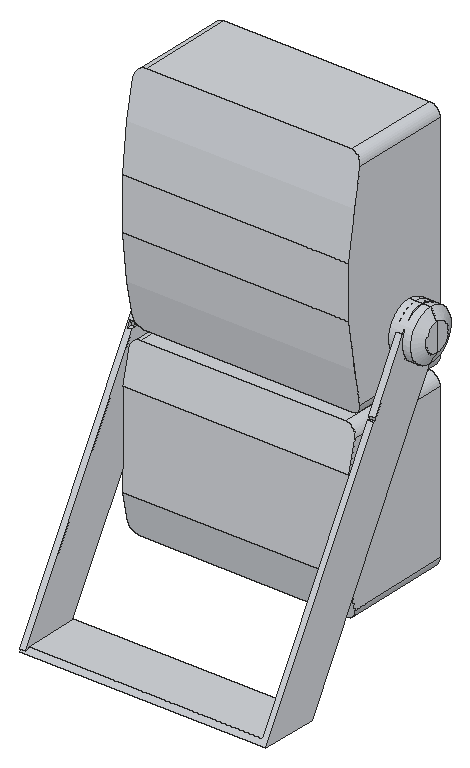
Revit family "Lighting-Proiezione-GEWISS-SMART[PRO]2.0-PROIETTORI-LED-MEDIA-POTENZA_1MODULI_CLI", category Apparecchi per illuminazione, host Superficie, Revit 2019 (continued)
Types (46, lengths in mm): name | Versioni | Tolleranza cromatica | Tipologia | Tensione | Temperatura di utilizzo | Temperatura di colore: | Temperatura di colore | Superficie massima esposta al vento | Spostamento_x_effettivo | Spostamento_x | Scheda Tecnica | Resistenza alle sovratensioni : | Regolazione inclinazione | Ottica | Numero moduli | Modello | Lumen output (lm) | Life Time L90B10 (Tq 50Â°C) : | Life Time L90B10 (Tq 40Â°C) | Life Time L90B10 (Tq 25Â°C) : | Life Time L80B10 (Tq 25Â°C) | Lampada: | Indice di resa cromatica | IPEA | IDT | Gruppo ottico | Flusso nominale | Efficienza luminosa (lm/W) | Distanza minima dall'oggetto illuminato | Descrizione | Corrente di pilotaggio LED | Controllo abbagliamento e luminanza | Catalogo Serie
  GWP2174GS - SMART PRO 1M 4000K CRI70 TYPE C4 1-10V | "Luce naturale 4000K" | "SDCM = 5" | "Stand Alone - 1/10V" | "220 / 240 V - 50 / 60 Hz" | "-30 +40 °C" | "4000 K (CRI>70)" | "4000K" | "0,085M2" | 2938.794 | 1061.206 | "https://www.gewiss.com/it/it/search?q=GWP2174GS" | "10KV in modalità comune; 6KV in modalità differenziale" | "-120° ÷ + 120° staffa" | "C4 - Circolare 15°" | "1" | "GWP2174GS" | "20500" | "" | "40000 H" | ">50000 H" | ">110000 H" | "LED" | "CRI-70" | "STRADALE = A++ // GRANDI AREE = A6+ // CICLOPEDONALI = A3+ // AREE VERDI = A3+ // CENTRO STORICO = A8+ // ALTRO = A8+" | "05cf3c8c99d64a21a9e49b88769f35fb" | "Riflettore in PC HT quarzato&nbsp; e metallizzato lucido" | "24000" | "124" | "1M" | "SMART PRO 1M 4000K CRI70 TYPE C4 1-10V" | "0,7 A" | "G*6 - ULOR = 0" | "SMART [PRO] 2.0"
  GWP2174HS - SMART PRO 1M 4000K CRI70 TYPE C3 1-10V | "Luce naturale 4000K" | "SDCM = 5" | "Stand Alone - 1/10V" | "220 / 240 V - 50 / 60 Hz" | "-30 +40 °C" | "4000 K (CRI>70)" | "4000K" | "0,085M2" | 2938.794 | 1061.206 | "https://www.gewiss.com/it/it/search?q=GWP2174HS" | "10KV in modalità comune; 6KV in modalità differenziale" | "-120° ÷ + 120° staffa" | "C3 - Circolare 20°" | "1" | "GWP2174HS" | "20500" | "" | "40000 H" | ">50000 H" | ">110000 H" | "LED" | "CRI-70" | "STRADALE = A++ // GRANDI AREE = A6+ // CICLOPEDONALI = A3+ // AREE VERDI = A3+ // CENTRO STORICO = A8+ // ALTRO = A8+" | "7705bac4f3f4416497bb4ba6fe69ea30" | "Riflettore in PC HT quarzato&nbsp; e metallizzato lucido" | "24000" | "124" | "1M" | "SMART PRO 1M 4000K CRI70 TYPE C3 1-10V" | "0,7 A" | "G*6 - ULOR = 0" | "SMART [PRO] 2.0"
  GWP2174LS - SMART PRO 1M 4000K CRI70 TYPE C2 1-10V | "Luce naturale 4000K" | "SDCM = 5" | "Stand Alone - 1/10V" | "220 / 240 V - 50 / 60 Hz" | "-30 +40 °C" | "4000 K (CRI>70)" | "4000K" | "0,085M2" | 2938.794 | 1061.206 | "https://www.gewiss.com/it/it/search?q=GWP2174LS" | "10KV in modalità comune; 6KV in modalità differenziale" | "-120° ÷ + 120° staffa" | "C2 - Circolare 25°" | "1" | "GWP2174LS" | "20000" | "" | "40000 H" | ">50000 H" | ">110000 H" | "LED" | "CRI-70" | "STRADALE = A++ // GRANDI AREE = A5+ // CICLOPEDONALI = A++ // AREE VERDI = A++ // CENTRO STORICO = A7+ // ALTRO = A7+" | "0ad1eac7b311432d883da497278354cc" | "Riflettore in PC HT quarzato&nbsp; e metallizzato lucido" | "24000" | "121" | "1M" | "SMART PRO 1M 4000K CRI70 TYPE C2 1-10V" | "0,7 A" | "G*6 - ULOR = 0" | "SMART [PRO] 2.0"
  GWP2174MS - SMART PRO 1M 4000K CRI70 TYPE C1 1-10V | "Luce naturale 4000K" | "SDCM = 5" | "Stand Alone - 1/10V" | "220 / 240 V - 50 / 60 Hz" | "-30 +40 °C" | "4000 K (CRI>70)" | "4000K" | "0,085M2" | 2938.794 | 1061.206 | "https://www.gewiss.com/it/it/search?q=GWP2174MS" | "10KV in modalità comune; 6KV in modalità differenziale" | "-120° ÷ + 120° staffa" | "C1 - Circolare 30°" | "1" | "GWP2174MS" | "20000" | "" | "40000 H" | ">50000 H" | ">110000 H" | "LED" | "CRI-70" | "STRADALE = A++ // GRANDI AREE = A5+ // CICLOPEDONALI = A++ // AREE VERDI = A++ // CENTRO STORICO = A7+ // ALTRO = A7+" | "729d9b534e0e4aacb05d5201ee75d054" | "Riflettore in PC HT quarzato&nbsp; e metallizzato lucido" | "24000" | "121" | "1M" | "SMART PRO 1M 4000K CRI70 TYPE C1 1-10V" | "0,7 A" | "G*6 - ULOR = 0" | "SMART [PRO] 2.0"
  GWP2175AS - SMART PRO 1M 5700K CRI70 TYPE S1 1-10V | "Luce fredda 5700K" | "SDCM = 5" | "Stand Alone - 1/10V" | "220 / 240 V - 50 / 60 Hz" | "-30 +40 °C" | "5700 K (CRI>70)" | "5700K" | "0,085M2" | 2938.794 | 1061.206 | "https://www.gewiss.com/it/it/search?q=GWP2175AS" | "10KV in modalità comune; 6KV in modalità differenziale" | "-120° ÷ + 120° staffa" | "S1 - Simmetrica Larga" | "1" | "GWP2175AS" | "19600" | "" | "40000 H" | ">50000 H" | ">110000 H" | "LED" | "CRI-70" | "STRADALE = A++ // GRANDI AREE = A5+ // CICLOPEDONALI = A++ // AREE VERDI = A++ // CENTRO STORICO = A7+ // ALTRO = A7+" | "780930f90d754ad6b611934d0f8387bf" | "Riflettore in PC HT quarzato&nbsp; e metallizzato lucido" | "24000" | "119" | "1M" | "SMART PRO 1M 5700K CRI70 TYPE S1 1-10V" | "0,7 A" | "G*6 - ULOR = 0" | "SMART [PRO] 2.0"
  GWP2175BS - SMART PRO 1M 5700K CRI70 TYPE S2 1-10V | "Luce fredda 5700K" | "SDCM = 5" | "Stand Alone - 1/10V" | "220 / 240 V - 50 / 60 Hz" | "-30 +40 °C" | "5700 K (CRI>70)" | "5700K" | "0,085M2" | 2938.794 | 1061.206 | "https://www.gewiss.com/it/it/search?q=GWP2175BS" | "10KV in modalità comune; 6KV in modalità differenziale" | "-120° ÷ + 120° staffa" | "S2 - Simmetrica Media" | "1" | "GWP2175BS" | "20300" | "" | "40000 H" | ">50000 H" | ">110000 H" | "LED" | "CRI-70" | "STRADALE = A++ // GRANDI AREE = A6+ // CICLOPEDONALI = A3+ // AREE VERDI = A3+ // CENTRO STORICO = A7+ // ALTRO = A7+" | "ab3059496094474f875bd88c974dace3" | "Parabola in alluminio anodizzato brillantato con alluminio puro 99,99%" | "24000" | "123" | "1M" | "SMART PRO 1M 5700K CRI70 TYPE S2 1-10V" | "0,7 A" | "G*6 - ULOR = 0" | "SMART [PRO] 2.0"
  GWP2175CS - SMART PRO 1M 5700K CRI70 TYPE A1 1-10V | "Luce fredda 5700K" | "SDCM = 5" | "Stand Alone - 1/10V" | "220 / 240 V - 50 / 60 Hz" | "-30 +40 °C" | "5700 K (CRI>70)" | "5700K" | "0,085M2" | 2938.794 | 1061.206 | "https://www.gewiss.com/it/it/search?q=GWP2175CS" | "10KV in modalità comune; 6KV in modalità differenziale" | "-120° ÷ + 120° staffa" | "A1 - Asimmetrica Larga" | "1" | "GWP2175CS" | "19100" | "" | "40000 H" | ">50000 H" | ">110000 H" | "LED" | "CRI-70" | "STRADALE = A+ // GRANDI AREE = A5+ // CICLOPEDONALI = A++ // AREE VERDI = A++ // CENTRO STORICO = A6+ // ALTRO = A6+" | "4dc4ad93e9c7498d9aeca5104be3769f" | "Riflettore in PC HT quarzato&nbsp; e metallizzato lucido" | "24000" | "116" | "1M" | "SMART PRO 1M 5700K CRI70 TYPE A1 1-10V" | "0,7 A" | "G*4 - ULOR = 0" | "SMART [PRO] 2.0"
  GWP2175FS - SMART PRO 1M 5700K CRI70 TYPE A2 1-10V | "Luce fredda 5700K" | "SDCM = 5" | "Stand Alone - 1/10V" | "220 / 240 V - 50 / 60 Hz" | "-30 +40 °C" | "5700 K (CRI>70)" | "5700K" | "0,085M2" | 2938.794 | 1061.206 | "https://www.gewiss.com/it/it/search?q=GWP2175FS" | "10KV in modalità comune; 6KV in modalità differenziale" | "-120° ÷ + 120° staffa" | "A2 - Asimmetrica Media" | "1" | "GWP2175FS" | "16400" | "" | "40000 H" | ">50000 H" | ">110000 H" | "LED" | "CRI-70" | "STRADALE = A // GRANDI AREE = A++ // CICLOPEDONALI = A // AREE VERDI = A // CENTRO STORICO = A4+ // ALTRO = A4+" | "330db962b5c441c7a1fc8a0e432d3f52" | "Parabola in alluminio anodizzato brillantato con alluminio puro 99,99%" | "24000" | "99" | "1M" | "SMART PRO 1M 5700K CRI70 TYPE A2 1-10V" | "0,7 A" | "G*3 - ULOR = 0" | "SMART [PRO] 2.0"
  GWP2175GS - SMART PRO 1M 5700K CRI70 TYPE C4 1-10V | "Luce fredda 5700K" | "SDCM = 5" | "Stand Alone - 1/10V" | "220 / 240 V - 50 / 60 Hz" | "-30 +40 °C" | "5700 K (CRI>70)" | "5700K" | "0,085M2" | 2938.794 | 1061.206 | "https://www.gewiss.com/it/it/search?q=GWP2175GS" | "10KV in modalità comune; 6KV in modalità differenziale" | "-120° ÷ + 120° staffa" | "C4 - Circolare 15°" | "1" | "GWP2175GS" | "20500" | "" | "40000 H" | ">50000 H" | ">110000 H" | "LED" | "CRI-70" | "STRADALE = A++ // GRANDI AREE = A6+ // CICLOPEDONALI = A3+ // AREE VERDI = A3+ // CENTRO STORICO = A8+ // ALTRO = A8+" | "9aa32567f8364de48d3e14f2119a9cee" | "Riflettore in PC HT quarzato&nbsp; e metallizzato lucido" | "24000" | "124" | "1M" | "SMART PRO 1M 5700K CRI70 TYPE C4 1-10V" | "0,7 A" | "G*6 - ULOR = 0" | "SMART [PRO] 2.0"
  GWP2175HS - SMART PRO 1M 5700K CRI70 TYPE C3 1-10V | "Luce fredda 5700K" | "SDCM = 5" | "Stand Alone - 1/10V" | "220 / 240 V - 50 / 60 Hz" | "-30 +40 °C" | "5700 K (CRI>70)" | "5700K" | "0,085M2" | 2938.794 | 1061.206 | "https://www.gewiss.com/it/it/search?q=GWP2175HS" | "10KV in modalità comune; 6KV in modalità differenziale" | "-120° ÷ + 120° staffa" | "C3 - Circolare 20°" | "1" | "GWP2175HS" | "20500" | "" | "40000 H" | ">50000 H" | ">110000 H" | "LED" | "CRI-70" | "STRADALE = A++ // GRANDI AREE = A6+ // CICLOPEDONALI = A3+ // AREE VERDI = A3+ // CENTRO STORICO = A8+ // ALTRO = A8+" | "dd9e76496a2c4243b3b89c067bebcde4" | "Riflettore in PC HT quarzato&nbsp; e metallizzato lucido" | "24000" | "124" | "1M" | "SMART PRO 1M 5700K CRI70 TYPE C3 1-10V" | "0,7 A" | "G*6 - ULOR = 0" | "SMART [PRO] 2.0"
  GWP2175LS - SMART PRO 1M 5700K CRI70 TYPE C2 1-10V | "Luce fredda 5700K" | "SDCM = 5" | "Stand Alone - 1/10V" | "220 / 240 V - 50 / 60 Hz" | "-30 +40 °C" | "5700 K (CRI>70)" | "5700K" | "0,085M2" | 2938.794 | 1061.206 | "https://www.gewiss.com/it/it/search?q=GWP2175LS" | "10KV in modalità comune; 6KV in modalità differenziale" | "-120° ÷ + 120° staffa" | "C2 - Circolare 25°" | "1" | "GWP2175LS" | "20000" | "" | "40000 H" | ">50000 H" | ">110000 H" | "LED" | "CRI-70" | "STRADALE = A++ // GRANDI AREE = A5+ // CICLOPEDONALI = A++ // AREE VERDI = A++ // CENTRO STORICO = A7+ // ALTRO = A7+" | "e5e416db4ac64fcda03497278c01afaa" | "Riflettore in PC HT quarzato&nbsp; e metallizzato lucido" | "24000" | "121" | "1M" | "SMART PRO 1M 5700K CRI70 TYPE C2 1-10V" | "0,7 A" | "G*6 - ULOR = 0" | "SMART [PRO] 2.0"
  GWP2175MS - SMART PRO 1M 5700K CRI70 TYPE C1 1-10V | "Luce fredda 5700K" | "SDCM = 5" | "Stand Alone - 1/10V" | "220 / 240 V - 50 / 60 Hz" | "-30 +40 °C" | "5700 K (CRI>70)" | "5700K" | "0,085M2" | 2939 | 1061 | "https://www.gewiss.com/it/it/search?q=GWP2175MS" | "10KV in modalità comune; 6KV in modalità differenziale" | "-120° ÷ + 120° staffa" | "C1 - Circolare 30°" | "1" | "GWP2175MS" | "20000" | "" | "40000 H" | ">50000 H" | ">110000 H" | "LED" | "CRI-70" | "STRADALE = A++ // GRANDI AREE = A5+ // CICLOPEDONALI = A++ // AREE VERDI = A++ // CENTRO STORICO = A7+ // ALTRO = A7+" | "81921acd85944d64b14f91977cfd80f8" | "Riflettore in PC HT quarzato&nbsp; e metallizzato lucido" | "24000" | "121" | "1M" | "SMART PRO 1M 5700K CRI70 TYPE C1 1-10V" | "0,7 A" | "G*6 - ULOR = 0" | "SMART [PRO] 2.0"
  GWP2173NS - SMARTPRO2.0 1M 3000K CRI70 A3 1-10V CL1 | "Luce calda 3000K" | "SDCM = 5" | "Stand Alone - 1/10V" | "220 / 240 V - 50 / 60 Hz" | "-30 +40 °C" | "3000 K (CRI>70)" | "3000K" | "0,085M2" | 2938.794 | 1061.206 | "https://www.gewiss.com/it/it/search?q=GWP2173NS" | "10KV in modalità comune; 6KV in modalità differenziale" | "-120° ÷ + 120° staffa" | "A3 - Asimmetrica Stretta" | "1" | "GWP2173NS" | "17600" | "32000 H" | "" | ">40000 H" | ">90000 H" | "LED" | "CRI-70" | "STRADALE = A // GRANDI AREE = A3+ // CICLOPEDONALI = A+ // AREE VERDI = A+ // CENTRO STORICO = A5+ // ALTRO = A5+" | "dc9ba24b3a2b406da501f2969d221a5c" | "Parabola in alluminio anodizzato brillantato con alluminio puro 99,99%" | "23000" | "107" | "1M" | "SMARTPRO2.0 1M 3000K CRI70 A3 1-10V CL1" | "0,7 A" | "G*6 - ULOR = 0" | "SMART [PRO] 2.0"
  GWP2174NS - SMARTPRO2.0 1M 4000K CRI70 A3 1-10V CL1 | "Luce naturale 4000K" | "SDCM = 5" | "Stand Alone - 1/10V" | "220 / 240 V - 50 / 60 Hz" | "-30 +40 °C" | "4000 K (CRI>70)" | "4000K" | "0,085M2" | 2938.794 | 1061.206 | "https://www.gewiss.com/it/it/search?q=GWP2174NS" | "10KV in modalità comune; 6KV in modalità differenziale" | "-120° ÷ + 120° staffa" | "A3 - Asimmetrica Stretta" | "1" | "GWP2174NS" | "18800" | "32000 H" | "" | ">40000 H" | ">90000 H" | "LED" | "CRI-70" | "STRADALE = A+ // GRANDI AREE = A4+ // CICLOPEDONALI = A+ // AREE VERDI = A+ // CENTRO STORICO = A6+ // ALTRO = A6+" | "8e3035fe88074506a6a3caa6782437a1" | "Parabola in alluminio anodizzato brillantato con alluminio puro 99,99%" | "24000" | "114" | "1M" | "SMARTPRO2.0 1M 4000K CRI70 A3 1-10V CL1" | "0,7 A" | "G*6 - ULOR = 0" | "SMART [PRO] 2.0"
  GWP2175NS - SMARTPRO2.0 1M 5700K CRI70 A3 1-10V CL1 | "Luce fredda 5700K" | "SDCM = 5" | "Stand Alone - 1/10V" | "220 / 240 V - 50 / 60 Hz" | "-30 +40 °C" | "5700 K (CRI>70)" | "5700K" | "0,085M2" | 2939 | 1061 | "https://www.gewiss.com/it/it/search?q=GWP2175NS" | "10KV in modalità comune; 6KV in modalità differenziale" | "-120° ÷ + 120° staffa" | "A3 - Asimmetrica Stretta" | "1" | "GWP2175NS" | "18800" | "32000 H" | "" | ">40000 H" | ">90000 H" | "LED" | "CRI-70" | "STRADALE = A+ // GRANDI AREE = A4+ // CICLOPEDONALI = A+ // AREE VERDI = A+ // CENTRO STORICO = A6+ // ALTRO = A6+" | "b2f8be9d2a0c4d1f8060cba02fb7bc08" | "Parabola in alluminio anodizzato brillantato con alluminio puro 99,99%" | "24000" | "114" | "1M" | "SMARTPRO2.0 1M 5700K CRI70 A3 1-10V CL1" | "0,7 A" | "G*6 - ULOR = 0" | "SMART [PRO] 2.0"
  GWP2184AS - SMARTPRO2.0 1M 4000K CRI80 S1 1-10V CL1 | "Luce naturale 4000K" | "SDCM = 3" | "" | "" | "" | "" | "4000K" | "" | 2938.794 | 1061.206 | "https://www.gewiss.com/it/it/search?q=GWP2184AS" | "" | "" | "S1 - Simmetrica Larga" | "" | "GWP2184AS" | "18300" | "" | "" | "" | "" | "" | "CRI-80" | "STRADALE = A+ // GRANDI AREE = A4+ // CICLOPEDONALI = A+ // AREE VERDI = A+ // CENTRO STORICO = A6+ // ALTRO = A6+" | "cea1fee677b24c99a2f8d3bd2aa19550" | "Riflettore in PC HT quarzato&nbsp; e metallizzato lucido" | "" | "111" | "" | "SMARTPRO2.0 1M 4000K CRI80 S1 1-10V CL1" | "" | "G*6 - ULOR = 0" | ""
  GWP2184BS - SMARTPRO2.0 1M 4000K CRI80 S2 1-10V CL1 | "Luce naturale 4000K" | "SDCM = 3" | "" | "" | "" | "" | "4000K" | "" | 2938.794 | 1061.206 | "https://www.gewiss.com/it/it/search?q=GWP2184BS" | "" | "" | "S2 - Simmetrica Media" | "" | "GWP2184BS" | "19000" | "" | "" | "" | "" | "" | "CRI-80" | "STRADALE = A+ // GRANDI AREE = A5+ // CICLOPEDONALI = A++ // AREE VERDI = A++ // CENTRO STORICO = A6+ // ALTRO = A6+" | "f1f3b5ae44f342968d919fc78b7e43f0" | "Parabola in alluminio anodizzato brillantato con alluminio puro 99,99%" | "" | "115" | "" | "SMARTPRO2.0 1M 4000K CRI80 S2 1-10V CL1" | "" | "G*6 - ULOR = 0" | ""
  GWP2184CS - SMARTPRO2.0 1M 4000K CRI80 A1 1-10V CL1 | "Luce naturale 4000K" | "SDCM = 3" | "" | "" | "" | "" | "4000K" | "" | 2938.794 | 1061.206 | "https://www.gewiss.com/it/it/search?q=GWP2184CS" | "" | "" | "A1 - Asimmetrica Larga" | "" | "GWP2184CS" | "17800" | "" | "" | "" | "" | "" | "CRI-80" | "STRADALE = A+ // GRANDI AREE = A3+ // CICLOPEDONALI = A+ // AREE VERDI = A+ // CENTRO STORICO = A5+ // ALTRO = A5+" | "6bf4dbfe39914174a725bc785b73c0ef" | "Riflettore in PC HT quarzato&nbsp; e metallizzato lucido" | "" | "108" | "" | "SMARTPRO2.0 1M 4000K CRI80 A1 1-10V CL1" | "" | "G*4 - ULOR = 0" | ""
  GWP2184FS - SMARTPRO2.0 1M 4000K CRI80 A2 1-10V CL1 | "Luce naturale 4000K" | "SDCM = 3" | "" | "" | "" | "" | "4000K" | "" | 2938.794 | 1061.206 | "https://www.gewiss.com/it/it/search?q=GWP2184FS" | "" | "" | "A2 - Asimmetrica Media" | "" | "GWP2184FS" | "15300" | "" | "" | "" | "" | "" | "CRI-80" | "STRADALE = B // GRANDI AREE = A+ // CICLOPEDONALI = B // AREE VERDI = B // CENTRO STORICO = A3+ // ALTRO = A3+" | "aa4c17c4175d4410a7eb1aa3bf474c62" | "Parabola in alluminio anodizzato brillantato con alluminio puro 99,99%" | "" | "93" | "" | "SMARTPRO2.0 1M 4000K CRI80 A2 1-10V CL1" | "" | "G*3 - ULOR = 0" | ""
  GWP2184GS - SMARTPRO2.0 1M 4000K CRI80 C4 1-10V CL1 | "Luce naturale 4000K" | "SDCM = 3" | "" | "" | "" | "" | "4000K" | "" | 2938.794 | 1061.206 | "https://www.gewiss.com/it/it/search?q=GWP2184GS" | "" | "" | "C4 - Circolare 15°" | "" | "GWP2184GS" | "19100" | "" | "" | "" | "" | "" | "CRI-80" | "STRADALE = A+ // GRANDI AREE = A5+ // CICLOPEDONALI = A++ // AREE VERDI = A++ // CENTRO STORICO = A6+ // ALTRO = A6+" | "128d8783353744d2b0895af674835ef3" | "Riflettore in PC HT quarzato&nbsp; e metallizzato lucido" | "" | "116" | "" | "SMARTPRO2.0 1M 4000K CRI80 C4 1-10V CL1" | "" | "G*6 - ULOR = 0" | ""
  GWP2184HS - SMARTPRO2.0 1M 4000K CRI80 C3 1-10V CL1 | "Luce naturale 4000K" | "SDCM = 3" | "" | "" | "" | "" | "4000K" | "" | 2938.794 | 1061.206 | "https://www.gewiss.com/it/it/search?q=GWP2184HS" | "" | "" | "C3 - Circolare 20°" | "" | "GWP2184HS" | "19100" | "" | "" | "" | "" | "" | "CRI-80" | "STRADALE = A+ // GRANDI AREE = A5+ // CICLOPEDONALI = A++ // AREE VERDI = A++ // CENTRO STORICO = A6+ // ALTRO = A6+" | "23373953fd2c4660b3e16d3601165f1c" | "Riflettore in PC HT quarzato&nbsp; e metallizzato lucido" | "" | "116" | "" | "SMARTPRO2.0 1M 4000K CRI80 C3 1-10V CL1" | "" | "G*6 - ULOR = 0" | ""
  GWP2184LS - SMARTPRO2.0 1M 4000K CRI80 C2 1-10V CL1 | "Luce naturale 4000K" | "SDCM = 3" | "" | "" | "" | "" | "4000K" | "" | 2938.794 | 1061.206 | "https://www.gewiss.com/it/it/search?q=GWP2184LS" | "" | "" | "C2 - Circolare 25°" | "" | "GWP2184LS" | "18700" | "" | "" | "" | "" | "" | "CRI-80" | "STRADALE = A+ // GRANDI AREE = A4+ // CICLOPEDONALI = A+ // AREE VERDI = A+ // CENTRO STORICO = A6+ // ALTRO = A6+" | "f77445d55432439abe1cb9501a3cdc7a" | "Riflettore in PC HT quarzato&nbsp; e metallizzato lucido" | "" | "113" | "" | "SMARTPRO2.0 1M 4000K CRI80 C2 1-10V CL1" | "" | "G*6 - ULOR = 0" | ""
  GWP2184MS - SMARTPRO2.0 1M 4000K CRI80 C1 1-10V CL1 | "Luce naturale 4000K" | "SDCM = 3" | "" | "" | "" | "" | "4000K" | "" | 2938.794 | 1061.206 | "https://www.gewiss.com/it/it/search?q=GWP2184MS" | "" | "" | "C1 - Circolare 30°" | "" | "GWP2184MS" | "18700" | "" | "" | "" | "" | "" | "CRI-80" | "STRADALE = A+ // GRANDI AREE = A4+ // CICLOPEDONALI = A+ // AREE VERDI = A+ // CENTRO STORICO = A6+ // ALTRO = A6+" | "d0971237e8404990aa256d2474729273" | "Riflettore in PC HT quarzato&nbsp; e metallizzato lucido" | "" | "113" | "" | "SMARTPRO2.0 1M 4000K CRI80 C1 1-10V CL1" | "" | "G*6 - ULOR = 0" | ""
  GWP2184NS - SMARTPRO2.0 1M 4000K CRI80 A3 1-10V CL1 | "Luce naturale 4000K" | "SDCM = 3" | "" | "" | "" | "" | "4000K" | "" | 2938.794 | 1061.206 | "https://www.gewiss.com/it/it/search?q=GWP2184NS" | "" | "" | "A3 - Asimmetrica Stretta" | "" | "GWP2184NS" | "17600" | "" | "" | "" | "" | "" | "CRI-80" | "STRADALE = A // GRANDI AREE = A3+ // CICLOPEDONALI = A+ // AREE VERDI = A+ // CENTRO STORICO = A5+ // ALTRO = A5+" | "40498cc17b8148d1a9048c3d6ad2cf2b" | "Parabola in alluminio anodizzato brillantato con alluminio puro 99,99%" | "" | "107" | "" | "SMARTPRO2.0 1M 4000K CRI80 A3 1-10V CL1" | "" | "G*6 - ULOR = 0" | ""
  GWP2185AS - SMARTPRO2.0 1M 5700K CRI80 S1 1-10V CL1 | "Luce fredda 5700K" | "SDCM = 3" | "" | "" | "" | "" | "5700K" | "" | 2938.794 | 1061.206 | "https://www.gewiss.com/it/it/search?q=GWP2185AS" | "" | "" | "S1 - Simmetrica Larga" | "" | "GWP2185AS" | "18300" | "" | "" | "" | "" | "" | "CRI-80" | "STRADALE = A+ // GRANDI AREE = A4+ // CICLOPEDONALI = A+ // AREE VERDI = A+ // CENTRO STORICO = A6+ // ALTRO = A6+" | "dceee40f612242d0ac91b267d7c2f13d" | "Riflettore in PC HT quarzato&nbsp; e metallizzato lucido" | "" | "111" | "" | "SMARTPRO2.0 1M 5700K CRI80 S1 1-10V CL1" | "" | "G*6 - ULOR = 0" | ""
  GWP2185BS - SMARTPRO2.0 1M 5700K CRI80 S2 1-10V CL1 | "Luce fredda 5700K" | "SDCM = 3" | "" | "" | "" | "" | "5700K" | "" | 2938.794 | 1061.206 | "https://www.gewiss.com/it/it/search?q=GWP2185BS" | "" | "" | "S2 - Simmetrica Media" | "" | "GWP2185BS" | "19000" | "" | "" | "" | "" | "" | "CRI-80" | "STRADALE = A+ // GRANDI AREE = A5+ // CICLOPEDONALI = A++ // AREE VERDI = A++ // CENTRO STORICO = A6+ // ALTRO = A6+" | "8267ddeb4d254c4aba56831a96b66e87" | "Parabola in alluminio anodizzato brillantato con alluminio puro 99,99%" | "" | "115" | "" | "SMARTPRO2.0 1M 5700K CRI80 S2 1-10V CL1" | "" | "G*6 - ULOR = 0" | ""
  GWP2185CS - SMARTPRO2.0 1M 5700K CRI80 A1 1-10V CL1 | "Luce fredda 5700K" | "SDCM = 3" | "" | "" | "" | "" | "5700K" | "" | 2938.794 | 1061.206 | "https://www.gewiss.com/it/it/search?q=GWP2185CS" | "" | "" | "A1 - Asimmetrica Larga" | "" | "GWP2185CS" | "17800" | "" | "" | "" | "" | "" | "CRI-80" | "STRADALE = A+ // GRANDI AREE = A3+ // CICLOPEDONALI = A+ // AREE VERDI = A+ // CENTRO STORICO = A5+ // ALTRO = A5+" | "57fd46ea0539412da36121059cbad166" | "Riflettore in PC HT quarzato&nbsp; e metallizzato lucido" | "" | "108" | "" | "SMARTPRO2.0 1M 5700K CRI80 A1 1-10V CL1" | "" | "G*4 - ULOR = 0" | ""
  GWP2185FS - SMARTPRO2.0 1M 5700K CRI80 A2 1-10V CL1 | "Luce fredda 5700K" | "SDCM = 3" | "" | "" | "" | "" | "5700K" | "" | 2938.794 | 1061.206 | "https://www.gewiss.com/it/it/search?q=GWP2185FS" | "" | "" | "A2 - Asimmetrica Media" | "" | "GWP2185FS" | "15300" | "" | "" | "" | "" | "" | "CRI-80" | "STRADALE = B // GRANDI AREE = A+ // CICLOPEDONALI = B // AREE VERDI = B // CENTRO STORICO = A3+ // ALTRO = A3+" | "9600d358398c46ce97f8eb6d9cd8e898" | "Parabola in alluminio anodizzato brillantato con alluminio puro 99,99%" | "" | "93" | "" | "SMARTPRO2.0 1M 5700K CRI80 A2 1-10V CL1" | "" | "G*3 - ULOR = 0" | ""
  GWP2185GS - SMARTPRO2.0 1M 5700K CRI80 C4 1-10V CL1 | "Luce fredda 5700K" | "SDCM = 3" | "" | "" | "" | "" | "5700K" | "" | 2938.794 | 1061.206 | "https://www.gewiss.com/it/it/search?q=GWP2185GS" | "" | "" | "C4 - Circolare 15°" | "" | "GWP2185GS" | "19100" | "" | "" | "" | "" | "" | "CRI-80" | "STRADALE = A+ // GRANDI AREE = A5+ // CICLOPEDONALI = A++ // AREE VERDI = A++ // CENTRO STORICO = A6+ // ALTRO = A6+" | "8517023cfa87437ab4095c1440d7e582" | "Riflettore in PC HT quarzato&nbsp; e metallizzato lucido" | "" | "116" | "" | "SMARTPRO2.0 1M 5700K CRI80 C4 1-10V CL1" | "" | "G*6 - ULOR = 0" | ""
  GWP2185HS - SMARTPRO2.0 1M 5700K CRI80 C3 1-10V CL1 | "Luce fredda 5700K" | "SDCM = 3" | "" | "" | "" | "" | "5700K" | "" | 2938.794 | 1061.206 | "https://www.gewiss.com/it/it/search?q=GWP2185HS" | "" | "" | "C3 - Circolare 20°" | "" | "GWP2185HS" | "19100" | "" | "" | "" | "" | "" | "CRI-80" | "STRADALE = A+ // GRANDI AREE = A5+ // CICLOPEDONALI = A++ // AREE VERDI = A++ // CENTRO STORICO = A6+ // ALTRO = A6+" | "a1a2a0386ddc4e4d8e2636e2e02f9a74" | "Riflettore in PC HT quarzato&nbsp; e metallizzato lucido" | "" | "116" | "" | "SMARTPRO2.0 1M 5700K CRI80 C3 1-10V CL1" | "" | "G*6 - ULOR = 0" | ""
  GWP2185LS - SMARTPRO2.0 1M 5700K CRI80 C2 1-10V CL1 | "Luce fredda 5700K" | "SDCM = 3" | "" | "" | "" | "" | "5700K" | "" | 2938.794 | 1061.206 | "https://www.gewiss.com/it/it/search?q=GWP2185LS" | "" | "" | "C2 - Circolare 25°" | "" | "GWP2185LS" | "18700" | "" | "" | "" | "" | "" | "CRI-80" | "STRADALE = A+ // GRANDI AREE = A4+ // CICLOPEDONALI = A+ // AREE VERDI = A+ // CENTRO STORICO = A6+ // ALTRO = A6+" | "582d543381e844c3af8d4f1a7f0b7481" | "Riflettore in PC HT quarzato&nbsp; e metallizzato lucido" | "" | "113" | "" | "SMARTPRO2.0 1M 5700K CRI80 C2 1-10V CL1" | "" | "G*6 - ULOR = 0" | ""
  GWP2185MS - SMARTPRO2.0 1M 5700K CRI80 C1 1-10V CL1 | "Luce fredda 5700K" | "SDCM = 3" | "" | "" | "" | "" | "5700K" | "" | 2938.794 | 1061.206 | "https://www.gewiss.com/it/it/search?q=GWP2185MS" | "" | "" | "C1 - Circolare 30°" | "" | "GWP2185MS" | "18700" | "" | "" | "" | "" | "" | "CRI-80" | "STRADALE = A+ // GRANDI AREE = A4+ // CICLOPEDONALI = A+ // AREE VERDI = A+ // CENTRO STORICO = A6+ // ALTRO = A6+" | "8a64c40c0df64010a48f712ee0df72c7" | "Riflettore in PC HT quarzato&nbsp; e metallizzato lucido" | "" | "113" | "" | "SMARTPRO2.0 1M 5700K CRI80 C1 1-10V CL1" | "" | "G*6 - ULOR = 0" | ""
  GWP2185NS - SMARTPRO2.0 1M 5700K CRI80 A3 1-10V CL1 | "Luce fredda 5700K" | "SDCM = 3" | "" | "" | "" | "" | "5700K" | "" | 2938.794 | 1061.206 | "https://www.gewiss.com/it/it/search?q=GWP2185NS" | "" | "" | "A3 - Asimmetrica Stretta" | "" | "GWP2185NS" | "17600" | "" | "" | "" | "" | "" | "CRI-80" | "STRADALE = A // GRANDI AREE = A3+ // CICLOPEDONALI = A+ // AREE VERDI = A+ // CENTRO STORICO = A5+ // ALTRO = A5+" | "e1d71c87574d4cdbb5424318827b01ba" | "Parabola in alluminio anodizzato brillantato con alluminio puro 99,99%" | "" | "107" | "" | "SMARTPRO2.0 1M 5700K CRI80 A3 1-10V CL1" | "" | "G*6 - ULOR = 0" | ""
